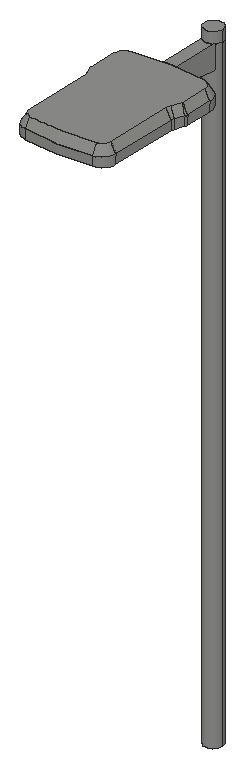
Revit family "VP-4-A_", category Lighting Fixtures, host Face, Revit 2019
Family settings
  Host = Face
  Round Connector Dimension = Use Diameter
  Part Type = Normal
  OmniClass Number = 23.80.70.11.14.17
  OmniClass Title = Direct/Indirect
  Cut with Voids When Loaded = No
  Light Source = No
  Shared = Yes
  Room Calculation Point = No
Parameters (values of type "VP-4-A3")
  Wattage Comments = "600 W"  # constant formula
  Warranty = "Five year warranty"  # constant formula
  Voltage = 120 V
  URL = "https://www.currentlighting.com/beacon"
  Type Comments = "Lighting Fixture"  # constant formula
  Product Page URL = "https://www.currentlighting.com/outdoor-lighting/viper-area-size-4/9606406"
  Product Documentation Link = "https://cdn.currentlighting.com/site/specsheet/BEA_VIPERSPEC.pdf"
  Pole Radius [instance] = Pole Diameter / 2  # 1.75"
  Power Factor = 0.9
  Pole Height [instance] = 120.00"
  Name = "Viper Area Size 4"  # constant formula
  Model = "VP-4-A3"
  Matt Grey = MATT GREY
  Matt Black = Matt Black
  Manufacturer = "Current Lighting"  # constant formula
  Load Classification = Lighting
  Light Output = 87468.00 cd/m²
  Lamp = "LED"  # constant formula
  Grey = Grey
  Glass = Glass
  Pole Diameter [instance] = 3.50"
  Features = "Featuring two different optical technologies, Micro Strike and Strike Optics, which provide the best distribution patterns for retrofit or new construction\r\nVibration rated for high vibration applications including bridges and overpasses\r\nControl options including photo control, occupancy sensing, NX Lighting Controls, wiSCAPE and 7-Pin with networked controls\r\nMounting options include: Arm, Universal Arm, Adjustable Arm, Mast Arm, Decorative Arm, Knuckle, Trunnion, Wall\r\nDistribution options include: Auto Front Row, Type 2, Type 3, Type 4 Forward, Type 4 Wide, Type 5 Narrow, Type 5 Medium, Type 5 Wide, Type 5 Rectangular, Corner Optic, and Tennis Court\r\n\r\n"  # constant formula
  Copyright = "© 2022 Current Lighting"  # constant formula
  Cool Grey = Cool Grey
  Contact Us = "https://www.currentlighting.com/contact-us"
  Certification = "UL"  # constant formula
  Description = "The Viper is an extremely versatile area/site luminaire which blends design, performance, and technology for a variety of applications."  # constant formula
  Default Elevation = 48.00"
  Finish = Arctic White
  Matt White = Matt White
  CRI = "70"  # constant formula
  Brand = "Beacon"  # constant formula
  Assembly Code = "D5020200"
  Apparent Load = 600 VA  # constant formula
Reference planes (in)
  plane 1 "Center (Front/Back)": y = 6.16697
  plane 2: z = 0
  plane 3 "Center (Left/Right)": x = 0
  plane 4: z = 3.75
  plane 5: z = -4.44
  plane 6: x = -1.75
  plane 7: x = 1.75
  plane 8: y = 4.41697
  plane 9: y = 7.91697
  plane 10: z = 120
  plane 11: z = 122
Forms (in)
  Extrusion 1, solid, material "Cool Grey" <- "Cool Grey"
    sketch origin (0, 0, 0) x (1, 0, 0) y (0, 1, 0)
      loop
        circle (0, 6.16697) r 1.75
    from 0 to 120
  Extrusion 2, solid, material "Cool Grey" <- "Cool Grey"
    sketch origin (0, 0, 0) x (1, 0, 0) y (0, 1, 0)
      loop
        circle (0, 6.16697) r 1.75
    from 120 to 122
Cuts and joins
  joined: Extrusion 1, Extrusion 2
Lines and regions (in)
  reference lines
    curve 1: line (0, 14.42606, -3.25) -> (0, 17.42606, -0.25)
    curve 2: line (0, -2.09213, -3.25) -> (0, 14.42606, -3.25)
    curve 3: line (0, -5.09213, -0.25) -> (0, -2.09213, -3.25)
    curve 4: line (0, 14.42606, -3.25) -> (0, 17.42606, -0.25)
    curve 5: line (0, -5.09213, -0.25) -> (0, 17.42606, -0.25)
    curve 6: line (0, 17.17606, -0.77432) -> (0, 17.92606, -0.77432)
    curve 7: line (0, 17.17606, -1.52432) -> (0, 17.17606, -0.77432)
    curve 8: line (0, 16.69614, -1.52432) -> (0, 17.17606, -1.52432)
    curve 9: line (0, 14.92606, -4.25) -> (0, 16.69614, -1.52432)
    curve 10: line (0, -4.3622, -1.52432) -> (0, -2.59213, -4.25)
    curve 11: line (0, -4.84213, -1.52432) -> (0, -4.3622, -1.52432)
    curve 12: line (0, -4.84213, -0.77432) -> (0, -4.84213, -1.52432)
    curve 13: line (0, -5.59213, -0.77432) -> (0, -4.84213, -0.77432)
Dimensions and locks (in)
  plane 4 to plane 2 = 3.75"
  "Pole Diameter": plane 8 to plane 9
  equal spacing: plane 8, plane 1 "Center (Front/Back)", plane 9
  equal spacing: plane 6, plane 3 "Center (Left/Right)", plane 7
  "Pole Diameter": plane 6 to plane 7
  "Pole Height": plane 10 to plane 2
  locked: plane 11 to plane 10 at 2
  "Pole Radius": radius of Extrusion 1 sketch curve
  "Pole Radius": radius of Extrusion 2 sketch curve
  aligned and locked: plane 2 to host face
  aligned and locked: level to host face
  aligned and locked: plane 10 to Extrusion 1
  aligned and locked: plane 3 "Center (Left/Right)" to nested 1
  aligned and locked: nested 1 to plane 10
  aligned and locked: plane 11 to Extrusion 2
  aligned and locked: Extrusion 2 to plane 10
Automatic sketch dimensions
  host sketch curve to host sketch curve = 96.00"
  host sketch curve to host sketch curve = 85.00"
  curve 3 to level = 0.25"
  plane 8 to curve 3 = 9.50909"
  curve 3 to curve 12 = 0.25"
  curve 11 to curve 11 = 0.47992"
  curve 2 to plane 5 = 1.19"
  curve 10 to curve 2 = 2.27008"
  curve 1 to plane 9 = 6.50909"
  curve 9 to level = 1.52432"
  curve 1 to curve 9 = 2.27008"
  curve 8 to curve 8 = 0.47992"
  curve 6 to curve 4 = 0.25"
  curve 10 to curve 3 = 1.27432"
  curve 7 to curve 1 = 0.52432"
  curve 12 to curve 3 = 0.52432"
  curve 13 to curve 3 = 0.50"
  curve 10 to plane 5 = 0.19"
  curve 10 to curve 2 = 0.50"
  curve 9 to plane 5 = 0.19"
  curve 1 to curve 9 = 0.50"
  curve 1 to curve 6 = 0.50"
  plane 1 "Center (Front/Back)" to Extrusion 1 sketch curve = 0.00"
  Extrusion 1 sketch curve to plane 3 "Center (Left/Right)" = 0.00"
  plane 1 "Center (Front/Back)" to Extrusion 2 sketch curve = 0.00"
  Extrusion 2 sketch curve to plane 3 "Center (Left/Right)" = 0.00"
Nested families (in)
  nested 1: "SIZE4" at (0, 4.41697, 118.26) x (1, 0, 0) z (0, -1, 0), type "SIZE4"
Connectors (in)
  electrical at (0, 6.16697, 0), driven by "Power Factor", driven by "Apparent Load", driven by "Voltage"
    settings: on Extrusion 1, index 1, voltage 120 V, apparent load 600 VA, apparent load phase1 0 VA, apparent load phase2 0 VA, apparent load phase3 0 VA, power factor 0.9, load classification "Other", number of poles 1, system type 30, power factor state 1, is connector primary yes, connector utility no, sub classification motor no, connector description "Light Fixture"
Definition of nested family "SIZE4"
  Parameters (values of type "SIZE4")
    Width = 19.62"
    Wattage = 519.1 W
    built-in parameter 1150110 = 1 (stored number, unit not read)
    built-in parameter 1114217 = 1 (stored number, unit not read)
    Tilt Angle = 160.00°
    built-in parameter 1150109 = 1 (stored number, unit not read)
    built-in parameter 1150134 = 3
    built-in parameter 1150113 = 1 (stored number, unit not read)
    Photometric Web File = "VP-4-720L-515-5K7-4W-BC.ies"
    Mount Length = 7.50"
    built-in parameter 1150105 = 3180.8 (stored number, unit not read)
    Lumens = 39970.7 lm
    built-in parameter 1150115 = 1 (stored number, unit not read)
    built-in parameter 1150137 = (empty or 0)
    built-in parameter 1150139 = (empty or 0)
    Length = 27.98"
    built-in parameter 1150112 = 1 (stored number, unit not read)
    built-in parameter 1150114 = 1 (stored number, unit not read)
    built-in parameter 1150132 = (empty or 0)
    built-in parameter 1150102 = (empty or 0)
    built-in parameter 1150107 = 3200 (stored number, unit not read)
    built-in parameter 1150138 = (empty or 0)
    built-in parameter 1150106 = 31.808 (stored number, unit not read)
    Glass = none
    Fixture = none
    built-in parameter 1150104 = 7.1535 (stored number, unit not read)
    Dimming Lamp Color Temperature Shift = (empty or 0)
    Default Elevation = 48.00"
    Color Filter = 16777215
    built-in parameter 1114218 = 1 (stored number, unit not read)
    built-in parameter 1150133 = 10 (stored number, unit not read)
  Reference planes (in)
    plane 1 "Center (Front/Back)": y = 0
    plane 2: z = 0
    plane 3 "Center (Left/Right)": x = 0
    plane 4: x = 9.81
    plane 5: x = -9.81
    plane 6: z = 7.5
    plane 7: z = 35.48
    plane 8: y = -1.74
    plane 9: y = 1.74
  Forms (in)
    Extrusion 1, solid
      sketch origin (0, 0, 0) x (1, 0, 0) y (0, 1, 0)
        loop
          line (-48, 48) -> (-48, -48) -> (48, -48) -> (48, 48) -> (-48, 48)
      from 0 to -12
    Extrusion 2, solid, material <- "Fixture"
      sketch origin (0, 0, 0) x (0, 1, 0) y (0, 0, 1)
        loop
          line (1.74, 8.51105) -> (-1.5789, 8.51105) -> (-2.86955, -1.406) -> (1.74, -1.406) -> (1.74, 8.51105)
      from -1.24 to 1.24
    Extrusion 3, void
      sketch origin (0, 0, 0) x (1, 0, 0) y (0, 0, 1)
        loop
          arc (-8.40608, 15.16005) -> (0.0771, 15.81374) -> (8.56, 15.15635) r 55.21553
          line (8.56, 15.15635) -> (8.56, 33.16182) -> (-8.40608, 33.16182) -> (-8.40608, 15.16005)
      from 1 to 1.75
    Extrusion 4, solid, material <- "Glass"
      sketch origin (0, 0, -0.5) x (1, 0, 0) y (0, 0, 1)
        loop
          arc (-7.30987, 33.16182) -> (-7.55736, 33.05931) -> (-7.65987, 32.81182) r 0.35
          line (-7.65987, 32.81182) -> (-7.65987, 28.01182)
          arc (-7.65987, 28.01182) -> (-7.55736, 27.76434) -> (-7.30987, 27.66182) r 0.35
          line (-7.30987, 27.66182) -> (7.30987, 27.66182)
          arc (7.30987, 27.66182) -> (7.55736, 27.76434) -> (7.65987, 28.01182) r 0.35
          line (7.65987, 28.01182) -> (7.65987, 32.81182)
          arc (7.65987, 32.81182) -> (7.55736, 33.05931) -> (7.30987, 33.16182) r 0.35
          line (7.30987, 33.16182) -> (-7.30987, 33.16182)
      from 1 to 1.35
    Extrusion 5, solid, material <- "Glass"
      sketch origin (0.375, 0, -0.375) x (1, 0, 0) y (0, 0, 1)
        loop
          circle (-7.47829, 32.33694) r 0.15
        loop
          circle (-6.95955, 32.33694) r 0.15
        loop
          circle (-6.4408, 32.33694) r 0.15
        loop
          circle (-5.92205, 32.33694) r 0.15
        loop
          circle (-5.4033, 32.33694) r 0.15
        loop
          circle (-4.88455, 32.33694) r 0.15
        loop
          circle (-4.3658, 32.33694) r 0.15
        loop
          circle (-3.84705, 32.33694) r 0.15
        loop
          circle (-3.32831, 32.33694) r 0.15
        loop
          circle (-7.47829, 31.83694) r 0.15
        loop
          circle (-6.95955, 31.83694) r 0.15
        loop
          circle (-6.4408, 31.83694) r 0.15
        loop
          circle (-5.92205, 31.83694) r 0.15
        loop
          circle (-5.4033, 31.83694) r 0.15
        loop
          circle (-4.88455, 31.83694) r 0.15
        loop
          circle (-4.3658, 31.83694) r 0.15
        loop
          circle (-3.84705, 31.83694) r 0.15
        loop
          circle (-3.32831, 31.83694) r 0.15
        loop
          circle (-7.47829, 31.33694) r 0.15
        loop
          circle (-6.95955, 31.33694) r 0.15
        loop
          circle (-6.4408, 31.33694) r 0.15
        loop
          circle (-5.92205, 31.33694) r 0.15
        loop
          circle (-5.4033, 31.33694) r 0.15
        loop
          circle (-4.88455, 31.33694) r 0.15
        loop
          circle (-4.3658, 31.33694) r 0.15
        loop
          circle (-3.84705, 31.33694) r 0.15
        loop
          circle (-3.32831, 31.33694) r 0.15
        loop
          circle (-7.47829, 30.83694) r 0.15
        loop
          circle (-6.95955, 30.83694) r 0.15
        loop
          circle (-6.4408, 30.83694) r 0.15
        loop
          circle (-5.92205, 30.83694) r 0.15
        loop
          circle (-5.4033, 30.83694) r 0.15
        loop
          circle (-4.88455, 30.83694) r 0.15
        loop
          circle (-4.3658, 30.83694) r 0.15
        loop
          circle (-3.84705, 30.83694) r 0.15
        loop
          circle (-3.32831, 30.83694) r 0.15
        loop
          circle (-7.47829, 30.33694) r 0.15
        loop
          circle (-6.95955, 30.33694) r 0.15
        loop
          circle (-6.4408, 30.33694) r 0.15
        loop
          circle (-5.92205, 30.33694) r 0.15
        loop
          circle (-5.4033, 30.33694) r 0.15
        loop
          circle (-4.88455, 30.33694) r 0.15
        loop
          circle (-4.3658, 30.33694) r 0.15
        loop
          circle (-3.84705, 30.33694) r 0.15
        loop
          circle (-3.32831, 30.33694) r 0.15
        loop
          circle (-7.47829, 29.83694) r 0.15
        loop
          circle (-6.95955, 29.83694) r 0.15
        loop
          circle (-6.4408, 29.83694) r 0.15
        loop
          circle (-5.92205, 29.83694) r 0.15
        loop
          circle (-5.4033, 29.83694) r 0.15
        loop
          circle (-4.88455, 29.83694) r 0.15
        loop
          circle (-4.3658, 29.83694) r 0.15
        loop
          circle (-3.84705, 29.83694) r 0.15
        loop
          circle (-3.32831, 29.83694) r 0.15
        loop
          circle (-7.47829, 29.33694) r 0.15
        loop
          circle (-6.95955, 29.33694) r 0.15
        loop
          circle (-6.4408, 29.33694) r 0.15
        loop
          circle (-5.92205, 29.33694) r 0.15
        loop
          circle (-5.4033, 29.33694) r 0.15
        loop
          circle (-4.88455, 29.33694) r 0.15
        loop
          circle (-4.3658, 29.33694) r 0.15
        loop
          circle (-3.84705, 29.33694) r 0.15
        loop
          circle (-3.32831, 29.33694) r 0.15
        loop
          circle (-7.47829, 28.83694) r 0.15
        loop
          circle (-6.95955, 28.83694) r 0.15
        loop
          circle (-6.4408, 28.83694) r 0.15
        loop
          circle (-5.92205, 28.83694) r 0.15
        loop
          circle (-5.4033, 28.83694) r 0.15
        loop
          circle (-4.88455, 28.83694) r 0.15
        loop
          circle (-4.3658, 28.83694) r 0.15
        loop
          circle (-3.84705, 28.83694) r 0.15
        loop
          circle (-3.32831, 28.83694) r 0.15
        loop
          circle (-7.47829, 28.33694) r 0.15
        loop
          circle (-6.95955, 28.33694) r 0.15
        loop
          circle (-6.4408, 28.33694) r 0.15
        loop
          circle (-5.92205, 28.33694) r 0.15
        loop
          circle (-5.4033, 28.33694) r 0.15
        loop
          circle (-4.88455, 28.33694) r 0.15
        loop
          circle (-4.3658, 28.33694) r 0.15
        loop
          circle (-3.84705, 28.33694) r 0.15
        loop
          circle (-3.32831, 28.33694) r 0.15
      from 1.35 to 1.4
    Extrusion 6, solid, material <- "Glass"
      sketch origin (0, 0, -0.375) x (1, 0, 0) y (0, 0, 1)
        loop
          arc (-7.16655, 32.8409) -> (-7.34333, 32.76768) -> (-7.41655, 32.5909) r 0.25
          line (-7.41655, 32.5909) -> (-7.41655, 28.0909)
          arc (-7.41655, 28.0909) -> (-7.34333, 27.91412) -> (-7.16655, 27.8409) r 0.25
          line (-7.16655, 27.8409) -> (-2.81123, 27.8409)
          arc (-2.81123, 27.8409) -> (-2.63446, 27.91412) -> (-2.56123, 28.0909) r 0.25
          line (-2.56123, 28.0909) -> (-2.56123, 32.5909)
          arc (-2.56123, 32.5909) -> (-2.63446, 32.76768) -> (-2.81123, 32.8409) r 0.25
          line (-2.81123, 32.8409) -> (-7.16655, 32.8409)
      from 1.35 to 1.37213
    Extrusion 7, solid, material <- "Fixture"
      sketch origin (0, 0, 12.875) x (1, 0, 0) y (0, 1, 0)
        loop
          line (7.68693, -1) -> (7.68693, -1.20146)
          arc (7.68693, -1.20146) -> (7.69367, -1.23973) -> (7.71311, -1.27339) r 0.1119
          line (7.71311, -1.27339) -> (8.07367, -1.70309)
          arc (8.07367, -1.70309) -> (8.10164, -1.72455) -> (8.13607, -1.73219) r 0.08147
          line (8.13607, -1.73219) -> (8.56, -1.73219) -> (8.56, -1) -> (7.68693, -1)
      from 18.55 to 18.65
    Extrusion 8, solid, material <- "Glass"
      sketch origin (-0.375, 0, -0.375) x (-1, 0, 0) y (0, 0, -1)
        loop
          circle (-7.47829, -32.33694) r 0.15
        loop
          circle (-6.95955, -32.33694) r 0.15
        loop
          circle (-6.4408, -32.33694) r 0.15
        loop
          circle (-5.92205, -32.33694) r 0.15
        loop
          circle (-5.4033, -32.33694) r 0.15
        loop
          circle (-4.88455, -32.33694) r 0.15
        loop
          circle (-4.3658, -32.33694) r 0.15
        loop
          circle (-3.84705, -32.33694) r 0.15
        loop
          circle (-3.32831, -32.33694) r 0.15
        loop
          circle (-7.47829, -31.83694) r 0.15
        loop
          circle (-6.95955, -31.83694) r 0.15
        loop
          circle (-6.4408, -31.83694) r 0.15
        loop
          circle (-5.92205, -31.83694) r 0.15
        loop
          circle (-5.4033, -31.83694) r 0.15
        loop
          circle (-4.88455, -31.83694) r 0.15
        loop
          circle (-4.3658, -31.83694) r 0.15
        loop
          circle (-3.84705, -31.83694) r 0.15
        loop
          circle (-3.32831, -31.83694) r 0.15
        loop
          circle (-7.47829, -31.33694) r 0.15
        loop
          circle (-6.95955, -31.33694) r 0.15
        loop
          circle (-6.4408, -31.33694) r 0.15
        loop
          circle (-5.92205, -31.33694) r 0.15
        loop
          circle (-5.4033, -31.33694) r 0.15
        loop
          circle (-4.88455, -31.33694) r 0.15
        loop
          circle (-4.3658, -31.33694) r 0.15
        loop
          circle (-3.84705, -31.33694) r 0.15
        loop
          circle (-3.32831, -31.33694) r 0.15
        loop
          circle (-7.47829, -30.83694) r 0.15
        loop
          circle (-6.95955, -30.83694) r 0.15
        loop
          circle (-6.4408, -30.83694) r 0.15
        loop
          circle (-5.92205, -30.83694) r 0.15
        loop
          circle (-5.4033, -30.83694) r 0.15
        loop
          circle (-4.88455, -30.83694) r 0.15
        loop
          circle (-4.3658, -30.83694) r 0.15
        loop
          circle (-3.84705, -30.83694) r 0.15
        loop
          circle (-3.32831, -30.83694) r 0.15
        loop
          circle (-7.47829, -30.33694) r 0.15
        loop
          circle (-6.95955, -30.33694) r 0.15
        loop
          circle (-6.4408, -30.33694) r 0.15
        loop
          circle (-5.92205, -30.33694) r 0.15
        loop
          circle (-5.4033, -30.33694) r 0.15
        loop
          circle (-4.88455, -30.33694) r 0.15
        loop
          circle (-4.3658, -30.33694) r 0.15
        loop
          circle (-3.84705, -30.33694) r 0.15
        loop
          circle (-3.32831, -30.33694) r 0.15
        loop
          circle (-7.47829, -29.83694) r 0.15
        loop
          circle (-6.95955, -29.83694) r 0.15
        loop
          circle (-6.4408, -29.83694) r 0.15
        loop
          circle (-5.92205, -29.83694) r 0.15
        loop
          circle (-5.4033, -29.83694) r 0.15
        loop
          circle (-4.88455, -29.83694) r 0.15
        loop
          circle (-4.3658, -29.83694) r 0.15
        loop
          circle (-3.84705, -29.83694) r 0.15
        loop
          circle (-3.32831, -29.83694) r 0.15
        loop
          circle (-7.47829, -29.33694) r 0.15
        loop
          circle (-6.95955, -29.33694) r 0.15
        loop
          circle (-6.4408, -29.33694) r 0.15
        loop
          circle (-5.92205, -29.33694) r 0.15
        loop
          circle (-5.4033, -29.33694) r 0.15
        loop
          circle (-4.88455, -29.33694) r 0.15
        loop
          circle (-4.3658, -29.33694) r 0.15
        loop
          circle (-3.84705, -29.33694) r 0.15
        loop
          circle (-3.32831, -29.33694) r 0.15
        loop
          circle (-7.47829, -28.83694) r 0.15
        loop
          circle (-6.95955, -28.83694) r 0.15
        loop
          circle (-6.4408, -28.83694) r 0.15
        loop
          circle (-5.92205, -28.83694) r 0.15
        loop
          circle (-5.4033, -28.83694) r 0.15
        loop
          circle (-4.88455, -28.83694) r 0.15
        loop
          circle (-4.3658, -28.83694) r 0.15
        loop
          circle (-3.84705, -28.83694) r 0.15
        loop
          circle (-3.32831, -28.83694) r 0.15
        loop
          circle (-7.47829, -28.33694) r 0.15
        loop
          circle (-6.95955, -28.33694) r 0.15
        loop
          circle (-6.4408, -28.33694) r 0.15
        loop
          circle (-5.92205, -28.33694) r 0.15
        loop
          circle (-5.4033, -28.33694) r 0.15
        loop
          circle (-4.88455, -28.33694) r 0.15
        loop
          circle (-4.3658, -28.33694) r 0.15
        loop
          circle (-3.84705, -28.33694) r 0.15
        loop
          circle (-3.32831, -28.33694) r 0.15
      from 1.35 to 1.4
    Extrusion 9, solid, material <- "Glass"
      sketch origin (0, 0, -0.375) x (-1, 0, 0) y (0, 0, -1)
        loop
          line (-7.16655, -32.8409) -> (-2.84181, -32.8409)
          arc (-2.84181, -32.8409) -> (-2.66504, -32.76768) -> (-2.59181, -32.5909) r 0.25
          line (-2.59181, -32.5909) -> (-2.59181, -28.0909)
          arc (-2.59181, -28.0909) -> (-2.66504, -27.91412) -> (-2.84181, -27.8409) r 0.25
          line (-2.84181, -27.8409) -> (-7.16655, -27.8409)
          arc (-7.16655, -27.8409) -> (-7.34333, -27.91412) -> (-7.41655, -28.0909) r 0.25
          line (-7.41655, -28.0909) -> (-7.41655, -32.5909)
          arc (-7.41655, -32.5909) -> (-7.34333, -32.76768) -> (-7.16655, -32.8409) r 0.25
      from 1.35 to 1.37213
    Extrusion 10, solid, material <- "Glass"
      sketch origin (0, 0, -5.75) x (1, 0, 0) y (0, 0, 1)
        loop
          arc (-7.30987, 32.91182) -> (-7.55736, 32.80931) -> (-7.65987, 32.56182) r 0.35
          line (-7.65987, 32.56182) -> (-7.65987, 27.76182)
          arc (-7.65987, 27.76182) -> (-7.55736, 27.51434) -> (-7.30987, 27.41182) r 0.35
          line (-7.30987, 27.41182) -> (7.30987, 27.41182)
          arc (7.30987, 27.41182) -> (7.55736, 27.51434) -> (7.65987, 27.76182) r 0.35
          line (7.65987, 27.76182) -> (7.65987, 32.56182)
          arc (7.65987, 32.56182) -> (7.55736, 32.80931) -> (7.30987, 32.91182) r 0.35
          line (7.30987, 32.91182) -> (-7.30987, 32.91182)
      from 1 to 1.35
    Extrusion 11, solid, material <- "Glass"
      sketch origin (0, 0, 47.30365) x (1, 0, 0) y (0, 0, 1)
        loop
          line (-7.30987, -31.14182) -> (7.30987, -31.14182)
          arc (7.30987, -31.14182) -> (7.55736, -31.03931) -> (7.65987, -30.79182) r 0.35
          line (7.65987, -30.79182) -> (7.65987, -25.99182)
          arc (7.65987, -25.99182) -> (7.55736, -25.74434) -> (7.30987, -25.64182) r 0.35
          line (7.30987, -25.64182) -> (-7.30987, -25.64182)
          arc (-7.30987, -25.64182) -> (-7.55736, -25.74434) -> (-7.65987, -25.99182) r 0.35
          line (-7.65987, -25.99182) -> (-7.65987, -30.79182)
          arc (-7.65987, -30.79182) -> (-7.55736, -31.03931) -> (-7.30987, -31.14182) r 0.35
      from 1 to 1.35
    Extrusion 12, solid, material <- "Fixture"
      sketch origin (0, 0, 11.87318) x (1, 0, 0) y (0, 1, 0)
        loop
          line (7.68693, -1) -> (7.68693, -1.20146)
          arc (7.68693, -1.20146) -> (7.69367, -1.23973) -> (7.71311, -1.27339) r 0.1119
          line (7.71311, -1.27339) -> (8.07367, -1.70309)
          arc (8.07367, -1.70309) -> (8.10164, -1.72455) -> (8.13607, -1.73219) r 0.08147
          line (8.13607, -1.73219) -> (8.56, -1.73219) -> (8.56, -1) -> (7.68693, -1)
      from 18.55 to 18.65
    Extrusion 13, solid, material <- "Fixture"
      sketch origin (0, 0, 10.87135) x (1, 0, 0) y (0, 1, 0)
        loop
          line (7.68693, -1) -> (7.68693, -1.20146)
          arc (7.68693, -1.20146) -> (7.69367, -1.23973) -> (7.71311, -1.27339) r 0.1119
          line (7.71311, -1.27339) -> (8.07367, -1.70309)
          arc (8.07367, -1.70309) -> (8.10164, -1.72455) -> (8.13607, -1.73219) r 0.08147
          line (8.13607, -1.73219) -> (8.56, -1.73219) -> (8.56, -1) -> (7.68693, -1)
      from 18.55 to 18.65
    Extrusion 14, solid, material <- "Fixture"
      sketch origin (0, 0, 9.86953) x (1, 0, 0) y (0, 1, 0)
        loop
          line (7.68693, -1) -> (7.68693, -1.20146)
          arc (7.68693, -1.20146) -> (7.69367, -1.23973) -> (7.71311, -1.27339) r 0.1119
          line (7.71311, -1.27339) -> (8.07367, -1.70309)
          arc (8.07367, -1.70309) -> (8.10164, -1.72455) -> (8.13607, -1.73219) r 0.08147
          line (8.13607, -1.73219) -> (8.56, -1.73219) -> (8.56, -1) -> (7.68693, -1)
      from 18.55 to 18.65
    Extrusion 15, solid, material <- "Fixture"
      sketch origin (0, 0, 8.86953) x (1, 0, 0) y (0, 1, 0)
        loop
          line (7.68693, -1) -> (7.68693, -1.20146)
          arc (7.68693, -1.20146) -> (7.69367, -1.23973) -> (7.71311, -1.27339) r 0.1119
          line (7.71311, -1.27339) -> (8.07367, -1.70309)
          arc (8.07367, -1.70309) -> (8.10164, -1.72455) -> (8.13607, -1.73219) r 0.08147
          line (8.13607, -1.73219) -> (8.56, -1.73219) -> (8.56, -1) -> (7.68693, -1)
      from 18.55 to 18.65
    Extrusion 16, solid, material <- "Fixture"
      sketch origin (0, 0, 7.8125) x (1, 0, 0) y (0, 1, 0)
        loop
          line (7.68693, -1) -> (7.68693, -1.20146)
          arc (7.68693, -1.20146) -> (7.69367, -1.23973) -> (7.71311, -1.27339) r 0.1119
          line (7.71311, -1.27339) -> (8.07367, -1.70309)
          arc (8.07367, -1.70309) -> (8.10164, -1.72455) -> (8.13607, -1.73219) r 0.08147
          line (8.13607, -1.73219) -> (8.56, -1.73219) -> (8.56, -1) -> (7.68693, -1)
      from 18.55 to 18.65
    Extrusion 17, solid, material <- "Fixture"
      sketch origin (0, 0, 6.81068) x (1, 0, 0) y (0, 1, 0)
        loop
          line (7.68693, -1) -> (7.68693, -1.20146)
          arc (7.68693, -1.20146) -> (7.69367, -1.23973) -> (7.71311, -1.27339) r 0.1119
          line (7.71311, -1.27339) -> (8.07367, -1.70309)
          arc (8.07367, -1.70309) -> (8.10164, -1.72455) -> (8.13607, -1.73219) r 0.08147
          line (8.13607, -1.73219) -> (8.56, -1.73219) -> (8.56, -1) -> (7.68693, -1)
      from 18.55 to 18.65
    Extrusion 18, solid, material <- "Fixture"
      sketch origin (0, 0, 5.80885) x (1, 0, 0) y (0, 1, 0)
        loop
          line (7.68693, -1) -> (7.68693, -1.20146)
          arc (7.68693, -1.20146) -> (7.69367, -1.23973) -> (7.71311, -1.27339) r 0.1119
          line (7.71311, -1.27339) -> (8.07367, -1.70309)
          arc (8.07367, -1.70309) -> (8.10164, -1.72455) -> (8.13607, -1.73219) r 0.08147
          line (8.13607, -1.73219) -> (8.56, -1.73219) -> (8.56, -1) -> (7.68693, -1)
      from 18.55 to 18.65
    Extrusion 19, solid, material <- "Fixture"
      sketch origin (0, 0, 4.80703) x (1, 0, 0) y (0, 1, 0)
        loop
          line (7.68693, -1) -> (7.68693, -1.20146)
          arc (7.68693, -1.20146) -> (7.69367, -1.23973) -> (7.71311, -1.27339) r 0.1119
          line (7.71311, -1.27339) -> (8.07367, -1.70309)
          arc (8.07367, -1.70309) -> (8.10164, -1.72455) -> (8.13607, -1.73219) r 0.08147
          line (8.13607, -1.73219) -> (8.56, -1.73219) -> (8.56, -1) -> (7.68693, -1)
      from 18.55 to 18.65
    Extrusion 20, solid, material <- "Fixture"
      sketch origin (0, 0, 3.80703) x (1, 0, 0) y (0, 1, 0)
        loop
          line (7.68693, -1) -> (7.68693, -1.20146)
          arc (7.68693, -1.20146) -> (7.69367, -1.23973) -> (7.71311, -1.27339) r 0.1119
          line (7.71311, -1.27339) -> (8.07367, -1.70309)
          arc (8.07367, -1.70309) -> (8.10164, -1.72455) -> (8.13607, -1.73219) r 0.08147
          line (8.13607, -1.73219) -> (8.56, -1.73219) -> (8.56, -1) -> (7.68693, -1)
      from 18.55 to 18.65
    Extrusion 21, solid, material <- "Fixture"
      sketch origin (0, 0, 2.125) x (1, 0, 0) y (0, 1, 0)
        loop
          line (7.68693, -1) -> (7.68693, -1.20146)
          arc (7.68693, -1.20146) -> (7.69367, -1.23973) -> (7.71311, -1.27339) r 0.1119
          line (7.71311, -1.27339) -> (8.07367, -1.70309)
          arc (8.07367, -1.70309) -> (8.10164, -1.72455) -> (8.13607, -1.73219) r 0.08147
          line (8.13607, -1.73219) -> (8.56, -1.73219) -> (8.56, -1) -> (7.68693, -1)
      from 18.55 to 18.65
    Extrusion 22, solid, material <- "Fixture"
      sketch origin (0, 0, 1.12318) x (1, 0, 0) y (0, 1, 0)
        loop
          line (7.68693, -1) -> (7.68693, -1.20146)
          arc (7.68693, -1.20146) -> (7.69367, -1.23973) -> (7.71311, -1.27339) r 0.1119
          line (7.71311, -1.27339) -> (8.07367, -1.70309)
          arc (8.07367, -1.70309) -> (8.10164, -1.72455) -> (8.13607, -1.73219) r 0.08147
          line (8.13607, -1.73219) -> (8.56, -1.73219) -> (8.56, -1) -> (7.68693, -1)
      from 18.55 to 18.65
    Extrusion 23, solid, material <- "Fixture"
      sketch origin (0, 0, 0.12135) x (1, 0, 0) y (0, 1, 0)
        loop
          line (7.68693, -1) -> (7.68693, -1.20146)
          arc (7.68693, -1.20146) -> (7.69367, -1.23973) -> (7.71311, -1.27339) r 0.1119
          line (7.71311, -1.27339) -> (8.07367, -1.70309)
          arc (8.07367, -1.70309) -> (8.10164, -1.72455) -> (8.13607, -1.73219) r 0.08147
          line (8.13607, -1.73219) -> (8.56, -1.73219) -> (8.56, -1) -> (7.68693, -1)
      from 18.55 to 18.65
    Extrusion 24, solid, material <- "Fixture"
      sketch origin (0, 0, -0.88047) x (1, 0, 0) y (0, 1, 0)
        loop
          line (7.68693, -1) -> (7.68693, -1.20146)
          arc (7.68693, -1.20146) -> (7.69367, -1.23973) -> (7.71311, -1.27339) r 0.1119
          line (7.71311, -1.27339) -> (8.07367, -1.70309)
          arc (8.07367, -1.70309) -> (8.10164, -1.72455) -> (8.13607, -1.73219) r 0.08147
          line (8.13607, -1.73219) -> (8.56, -1.73219) -> (8.56, -1) -> (7.68693, -1)
      from 18.55 to 18.65
    Extrusion 25, solid, material <- "Fixture"
      sketch origin (0, 0, -1.88047) x (1, 0, 0) y (0, 1, 0)
        loop
          line (7.68693, -1) -> (7.68693, -1.20146)
          arc (7.68693, -1.20146) -> (7.69367, -1.23973) -> (7.71311, -1.27339) r 0.1119
          line (7.71311, -1.27339) -> (8.07367, -1.70309)
          arc (8.07367, -1.70309) -> (8.10164, -1.72455) -> (8.13607, -1.73219) r 0.08147
          line (8.13607, -1.73219) -> (8.56, -1.73219) -> (8.56, -1) -> (7.68693, -1)
      from 18.55 to 18.65
    Extrusion 26, solid, material <- "Fixture"
      sketch origin (0.07812, 0, 13.125) x (-1, 0, 0) y (0, -1, 0)
        loop
          line (7.68693, 1) -> (8.56, 1) -> (8.56, 1.73219) -> (8.13607, 1.73219)
          arc (8.13607, 1.73219) -> (8.10164, 1.72455) -> (8.07367, 1.70309) r 0.08147
          line (8.07367, 1.70309) -> (7.71311, 1.27339)
          arc (7.71311, 1.27339) -> (7.69367, 1.23973) -> (7.68693, 1.20146) r 0.1119
          line (7.68693, 1.20146) -> (7.68693, 1)
      from 18.55 to 18.65
    Extrusion 27, solid, material <- "Fixture"
      sketch origin (0.07812, 0, 12.12318) x (-1, 0, 0) y (0, -1, 0)
        loop
          line (7.68693, 1) -> (8.56, 1) -> (8.56, 1.73219) -> (8.13607, 1.73219)
          arc (8.13607, 1.73219) -> (8.10164, 1.72455) -> (8.07367, 1.70309) r 0.08147
          line (8.07367, 1.70309) -> (7.71311, 1.27339)
          arc (7.71311, 1.27339) -> (7.69367, 1.23973) -> (7.68693, 1.20146) r 0.1119
          line (7.68693, 1.20146) -> (7.68693, 1)
      from 18.55 to 18.65
    Extrusion 28, solid, material <- "Fixture"
      sketch origin (0.07812, 0, 11.12135) x (-1, 0, 0) y (0, -1, 0)
        loop
          line (7.68693, 1) -> (8.56, 1) -> (8.56, 1.73219) -> (8.13607, 1.73219)
          arc (8.13607, 1.73219) -> (8.10164, 1.72455) -> (8.07367, 1.70309) r 0.08147
          line (8.07367, 1.70309) -> (7.71311, 1.27339)
          arc (7.71311, 1.27339) -> (7.69367, 1.23973) -> (7.68693, 1.20146) r 0.1119
          line (7.68693, 1.20146) -> (7.68693, 1)
      from 18.55 to 18.65
    Extrusion 29, solid, material <- "Fixture"
      sketch origin (0.07812, 0, 10.11953) x (-1, 0, 0) y (0, -1, 0)
        loop
          line (7.68693, 1) -> (8.56, 1) -> (8.56, 1.73219) -> (8.13607, 1.73219)
          arc (8.13607, 1.73219) -> (8.10164, 1.72455) -> (8.07367, 1.70309) r 0.08147
          line (8.07367, 1.70309) -> (7.71311, 1.27339)
          arc (7.71311, 1.27339) -> (7.69367, 1.23973) -> (7.68693, 1.20146) r 0.1119
          line (7.68693, 1.20146) -> (7.68693, 1)
      from 18.55 to 18.65
    Extrusion 30, solid, material <- "Fixture"
      sketch origin (0.07812, 0, 9.11953) x (-1, 0, 0) y (0, -1, 0)
        loop
          line (7.68693, 1) -> (8.56, 1) -> (8.56, 1.73219) -> (8.13607, 1.73219)
          arc (8.13607, 1.73219) -> (8.10164, 1.72455) -> (8.07367, 1.70309) r 0.08147
          line (8.07367, 1.70309) -> (7.71311, 1.27339)
          arc (7.71311, 1.27339) -> (7.69367, 1.23973) -> (7.68693, 1.20146) r 0.1119
          line (7.68693, 1.20146) -> (7.68693, 1)
      from 18.55 to 18.65
    Extrusion 31, solid, material <- "Fixture"
      sketch origin (0.07812, 0, 8.0625) x (-1, 0, 0) y (0, -1, 0)
        loop
          line (7.68693, 1) -> (8.56, 1) -> (8.56, 1.73219) -> (8.13607, 1.73219)
          arc (8.13607, 1.73219) -> (8.10164, 1.72455) -> (8.07367, 1.70309) r 0.08147
          line (8.07367, 1.70309) -> (7.71311, 1.27339)
          arc (7.71311, 1.27339) -> (7.69367, 1.23973) -> (7.68693, 1.20146) r 0.1119
          line (7.68693, 1.20146) -> (7.68693, 1)
      from 18.55 to 18.65
    Extrusion 32, solid, material <- "Fixture"
      sketch origin (0.07812, 0, 7.06068) x (-1, 0, 0) y (0, -1, 0)
        loop
          line (7.68693, 1) -> (8.56, 1) -> (8.56, 1.73219) -> (8.13607, 1.73219)
          arc (8.13607, 1.73219) -> (8.10164, 1.72455) -> (8.07367, 1.70309) r 0.08147
          line (8.07367, 1.70309) -> (7.71311, 1.27339)
          arc (7.71311, 1.27339) -> (7.69367, 1.23973) -> (7.68693, 1.20146) r 0.1119
          line (7.68693, 1.20146) -> (7.68693, 1)
      from 18.55 to 18.65
    Extrusion 33, solid, material <- "Fixture"
      sketch origin (0.07812, 0, 6.05885) x (-1, 0, 0) y (0, -1, 0)
        loop
          line (7.68693, 1) -> (8.56, 1) -> (8.56, 1.73219) -> (8.13607, 1.73219)
          arc (8.13607, 1.73219) -> (8.10164, 1.72455) -> (8.07367, 1.70309) r 0.08147
          line (8.07367, 1.70309) -> (7.71311, 1.27339)
          arc (7.71311, 1.27339) -> (7.69367, 1.23973) -> (7.68693, 1.20146) r 0.1119
          line (7.68693, 1.20146) -> (7.68693, 1)
      from 18.55 to 18.65
    Extrusion 34, solid, material <- "Fixture"
      sketch origin (0.07812, 0, 5.05703) x (-1, 0, 0) y (0, -1, 0)
        loop
          line (7.68693, 1) -> (8.56, 1) -> (8.56, 1.73219) -> (8.13607, 1.73219)
          arc (8.13607, 1.73219) -> (8.10164, 1.72455) -> (8.07367, 1.70309) r 0.08147
          line (8.07367, 1.70309) -> (7.71311, 1.27339)
          arc (7.71311, 1.27339) -> (7.69367, 1.23973) -> (7.68693, 1.20146) r 0.1119
          line (7.68693, 1.20146) -> (7.68693, 1)
      from 18.55 to 18.65
    Extrusion 35, solid, material <- "Fixture"
      sketch origin (0.07812, 0, 4.05703) x (-1, 0, 0) y (0, -1, 0)
        loop
          line (7.68693, 1) -> (8.56, 1) -> (8.56, 1.73219) -> (8.13607, 1.73219)
          arc (8.13607, 1.73219) -> (8.10164, 1.72455) -> (8.07367, 1.70309) r 0.08147
          line (8.07367, 1.70309) -> (7.71311, 1.27339)
          arc (7.71311, 1.27339) -> (7.69367, 1.23973) -> (7.68693, 1.20146) r 0.1119
          line (7.68693, 1.20146) -> (7.68693, 1)
      from 18.55 to 18.65
    Extrusion 36, solid, material <- "Fixture"
      sketch origin (0.07812, 0, 2.375) x (-1, 0, 0) y (0, -1, 0)
        loop
          line (7.68693, 1) -> (8.56, 1) -> (8.56, 1.73219) -> (8.13607, 1.73219)
          arc (8.13607, 1.73219) -> (8.10164, 1.72455) -> (8.07367, 1.70309) r 0.08147
          line (8.07367, 1.70309) -> (7.71311, 1.27339)
          arc (7.71311, 1.27339) -> (7.69367, 1.23973) -> (7.68693, 1.20146) r 0.1119
          line (7.68693, 1.20146) -> (7.68693, 1)
      from 18.55 to 18.65
    Extrusion 37, solid, material <- "Fixture"
      sketch origin (0.07812, 0, 1.37318) x (-1, 0, 0) y (0, -1, 0)
        loop
          line (7.68693, 1) -> (8.56, 1) -> (8.56, 1.73219) -> (8.13607, 1.73219)
          arc (8.13607, 1.73219) -> (8.10164, 1.72455) -> (8.07367, 1.70309) r 0.08147
          line (8.07367, 1.70309) -> (7.71311, 1.27339)
          arc (7.71311, 1.27339) -> (7.69367, 1.23973) -> (7.68693, 1.20146) r 0.1119
          line (7.68693, 1.20146) -> (7.68693, 1)
      from 18.55 to 18.65
    Extrusion 38, solid, material <- "Fixture"
      sketch origin (0.07812, 0, 0.37135) x (-1, 0, 0) y (0, -1, 0)
        loop
          line (7.68693, 1) -> (8.56, 1) -> (8.56, 1.73219) -> (8.13607, 1.73219)
          arc (8.13607, 1.73219) -> (8.10164, 1.72455) -> (8.07367, 1.70309) r 0.08147
          line (8.07367, 1.70309) -> (7.71311, 1.27339)
          arc (7.71311, 1.27339) -> (7.69367, 1.23973) -> (7.68693, 1.20146) r 0.1119
          line (7.68693, 1.20146) -> (7.68693, 1)
      from 18.55 to 18.65
    Extrusion 39, solid, material <- "Fixture"
      sketch origin (0.07812, 0, -0.63047) x (-1, 0, 0) y (0, -1, 0)
        loop
          line (7.68693, 1) -> (8.56, 1) -> (8.56, 1.73219) -> (8.13607, 1.73219)
          arc (8.13607, 1.73219) -> (8.10164, 1.72455) -> (8.07367, 1.70309) r 0.08147
          line (8.07367, 1.70309) -> (7.71311, 1.27339)
          arc (7.71311, 1.27339) -> (7.69367, 1.23973) -> (7.68693, 1.20146) r 0.1119
          line (7.68693, 1.20146) -> (7.68693, 1)
      from 18.55 to 18.65
    Extrusion 40, solid, material <- "Fixture"
      sketch origin (0.07812, 0, -1.63047) x (-1, 0, 0) y (0, -1, 0)
        loop
          line (7.68693, 1) -> (8.56, 1) -> (8.56, 1.73219) -> (8.13607, 1.73219)
          arc (8.13607, 1.73219) -> (8.10164, 1.72455) -> (8.07367, 1.70309) r 0.08147
          line (8.07367, 1.70309) -> (7.71311, 1.27339)
          arc (7.71311, 1.27339) -> (7.69367, 1.23973) -> (7.68693, 1.20146) r 0.1119
          line (7.68693, 1.20146) -> (7.68693, 1)
      from 18.55 to 18.65
    Extrusion 41, void
      sketch origin (0, 0, 3.625) x (1, 0, 0) y (0, 0, 1)
        loop
          line (-8.70207, 10.26622) -> (-8.70207, 9.26622)
          arc (-8.70207, 9.26622) -> (-0.07103, 7.54738) -> (8.57, 9.21524) r 22.86863
          line (8.57, 9.21524) -> (8.57, 10.21524)
          arc (8.57, 10.21524) -> (-0.07103, 8.54738) -> (-8.70207, 10.26622) r 22.86863
        loop
          line (-8.61035, 8.24972) -> (-8.61035, 7.97854)
          arc (-8.61035, 7.97854) -> (-0.06712, 6.29523) -> (8.48535, 7.93095) r 22.84399
          line (8.48535, 7.93095) -> (8.48535, 8.20243)
          arc (8.48535, 8.20243) -> (-0.06706, 6.57598) -> (-8.61035, 8.24972) r 22.96502
        loop
          line (-8.61035, 7.49972) -> (-8.61035, 7.22854)
          arc (-8.61035, 7.22854) -> (-0.06712, 5.54523) -> (8.48535, 7.18095) r 22.84399
          line (8.48535, 7.18095) -> (8.48535, 7.45243)
          arc (8.48535, 7.45243) -> (-0.06706, 5.82598) -> (-8.61035, 7.49972) r 22.96502
      from 1 to 1.75
    Extrusion 42, solid, material <- "Glass"
      sketch origin (-5.375, 0, -0.375) x (-1, 0, 0) y (0, 0, -1)
        loop
          circle (-7.47829, -32.33694) r 0.15
        loop
          circle (-6.95955, -32.33694) r 0.15
        loop
          circle (-6.4408, -32.33694) r 0.15
        loop
          circle (-5.92205, -32.33694) r 0.15
        loop
          circle (-5.4033, -32.33694) r 0.15
        loop
          circle (-4.88455, -32.33694) r 0.15
        loop
          circle (-4.3658, -32.33694) r 0.15
        loop
          circle (-3.84705, -32.33694) r 0.15
        loop
          circle (-3.32831, -32.33694) r 0.15
        loop
          circle (-7.47829, -31.83694) r 0.15
        loop
          circle (-6.95955, -31.83694) r 0.15
        loop
          circle (-6.4408, -31.83694) r 0.15
        loop
          circle (-5.92205, -31.83694) r 0.15
        loop
          circle (-5.4033, -31.83694) r 0.15
        loop
          circle (-4.88455, -31.83694) r 0.15
        loop
          circle (-4.3658, -31.83694) r 0.15
        loop
          circle (-3.84705, -31.83694) r 0.15
        loop
          circle (-3.32831, -31.83694) r 0.15
        loop
          circle (-7.47829, -31.33694) r 0.15
        loop
          circle (-6.95955, -31.33694) r 0.15
        loop
          circle (-6.4408, -31.33694) r 0.15
        loop
          circle (-5.92205, -31.33694) r 0.15
        loop
          circle (-5.4033, -31.33694) r 0.15
        loop
          circle (-4.88455, -31.33694) r 0.15
        loop
          circle (-4.3658, -31.33694) r 0.15
        loop
          circle (-3.84705, -31.33694) r 0.15
        loop
          circle (-3.32831, -31.33694) r 0.15
        loop
          circle (-7.47829, -30.83694) r 0.15
        loop
          circle (-6.95955, -30.83694) r 0.15
        loop
          circle (-6.4408, -30.83694) r 0.15
        loop
          circle (-5.92205, -30.83694) r 0.15
        loop
          circle (-5.4033, -30.83694) r 0.15
        loop
          circle (-4.88455, -30.83694) r 0.15
        loop
          circle (-4.3658, -30.83694) r 0.15
        loop
          circle (-3.84705, -30.83694) r 0.15
        loop
          circle (-3.32831, -30.83694) r 0.15
        loop
          circle (-7.47829, -30.33694) r 0.15
        loop
          circle (-6.95955, -30.33694) r 0.15
        loop
          circle (-6.4408, -30.33694) r 0.15
        loop
          circle (-5.92205, -30.33694) r 0.15
        loop
          circle (-5.4033, -30.33694) r 0.15
        loop
          circle (-4.88455, -30.33694) r 0.15
        loop
          circle (-4.3658, -30.33694) r 0.15
        loop
          circle (-3.84705, -30.33694) r 0.15
        loop
          circle (-3.32831, -30.33694) r 0.15
        loop
          circle (-7.47829, -29.83694) r 0.15
        loop
          circle (-6.95955, -29.83694) r 0.15
        loop
          circle (-6.4408, -29.83694) r 0.15
        loop
          circle (-5.92205, -29.83694) r 0.15
        loop
          circle (-5.4033, -29.83694) r 0.15
        loop
          circle (-4.88455, -29.83694) r 0.15
        loop
          circle (-4.3658, -29.83694) r 0.15
        loop
          circle (-3.84705, -29.83694) r 0.15
        loop
          circle (-3.32831, -29.83694) r 0.15
        loop
          circle (-7.47829, -29.33694) r 0.15
        loop
          circle (-6.95955, -29.33694) r 0.15
        loop
          circle (-6.4408, -29.33694) r 0.15
        loop
          circle (-5.92205, -29.33694) r 0.15
        loop
          circle (-5.4033, -29.33694) r 0.15
        loop
          circle (-4.88455, -29.33694) r 0.15
        loop
          circle (-4.3658, -29.33694) r 0.15
        loop
          circle (-3.84705, -29.33694) r 0.15
        loop
          circle (-3.32831, -29.33694) r 0.15
        loop
          circle (-7.47829, -28.83694) r 0.15
        loop
          circle (-6.95955, -28.83694) r 0.15
        loop
          circle (-6.4408, -28.83694) r 0.15
        loop
          circle (-5.92205, -28.83694) r 0.15
        loop
          circle (-5.4033, -28.83694) r 0.15
        loop
          circle (-4.88455, -28.83694) r 0.15
        loop
          circle (-4.3658, -28.83694) r 0.15
        loop
          circle (-3.84705, -28.83694) r 0.15
        loop
          circle (-3.32831, -28.83694) r 0.15
        loop
          circle (-7.47829, -28.33694) r 0.15
        loop
          circle (-6.95955, -28.33694) r 0.15
        loop
          circle (-6.4408, -28.33694) r 0.15
        loop
          circle (-5.92205, -28.33694) r 0.15
        loop
          circle (-5.4033, -28.33694) r 0.15
        loop
          circle (-4.88455, -28.33694) r 0.15
        loop
          circle (-4.3658, -28.33694) r 0.15
        loop
          circle (-3.84705, -28.33694) r 0.15
        loop
          circle (-3.32831, -28.33694) r 0.15
      from 1.35 to 1.4
    Extrusion 43, solid, material <- "Glass"
      sketch origin (-5, 0, -0.375) x (-1, 0, 0) y (0, 0, -1)
        loop
          line (-7.16655, -32.8409) -> (-2.84181, -32.8409)
          arc (-2.84181, -32.8409) -> (-2.66504, -32.76768) -> (-2.59181, -32.5909) r 0.25
          line (-2.59181, -32.5909) -> (-2.59181, -28.0909)
          arc (-2.59181, -28.0909) -> (-2.66504, -27.91412) -> (-2.84181, -27.8409) r 0.25
          line (-2.84181, -27.8409) -> (-7.16655, -27.8409)
          arc (-7.16655, -27.8409) -> (-7.34333, -27.91412) -> (-7.41655, -28.0909) r 0.25
          line (-7.41655, -28.0909) -> (-7.41655, -32.5909)
          arc (-7.41655, -32.5909) -> (-7.34333, -32.76768) -> (-7.16655, -32.8409) r 0.25
      from 1.35 to 1.37213
    Extrusion 44, solid, material <- "Glass"
      sketch origin (0.375, 0, -5.875) x (1, 0, 0) y (0, 0, 1)
        loop
          circle (-7.47829, 32.33694) r 0.15
        loop
          circle (-6.95955, 32.33694) r 0.15
        loop
          circle (-6.4408, 32.33694) r 0.15
        loop
          circle (-5.92205, 32.33694) r 0.15
        loop
          circle (-5.4033, 32.33694) r 0.15
        loop
          circle (-4.88455, 32.33694) r 0.15
        loop
          circle (-4.3658, 32.33694) r 0.15
        loop
          circle (-3.84705, 32.33694) r 0.15
        loop
          circle (-3.32831, 32.33694) r 0.15
        loop
          circle (-7.47829, 31.83694) r 0.15
        loop
          circle (-6.95955, 31.83694) r 0.15
        loop
          circle (-6.4408, 31.83694) r 0.15
        loop
          circle (-5.92205, 31.83694) r 0.15
        loop
          circle (-5.4033, 31.83694) r 0.15
        loop
          circle (-4.88455, 31.83694) r 0.15
        loop
          circle (-4.3658, 31.83694) r 0.15
        loop
          circle (-3.84705, 31.83694) r 0.15
        loop
          circle (-3.32831, 31.83694) r 0.15
        loop
          circle (-7.47829, 31.33694) r 0.15
        loop
          circle (-6.95955, 31.33694) r 0.15
        loop
          circle (-6.4408, 31.33694) r 0.15
        loop
          circle (-5.92205, 31.33694) r 0.15
        loop
          circle (-5.4033, 31.33694) r 0.15
        loop
          circle (-4.88455, 31.33694) r 0.15
        loop
          circle (-4.3658, 31.33694) r 0.15
        loop
          circle (-3.84705, 31.33694) r 0.15
        loop
          circle (-3.32831, 31.33694) r 0.15
        loop
          circle (-7.47829, 30.83694) r 0.15
        loop
          circle (-6.95955, 30.83694) r 0.15
        loop
          circle (-6.4408, 30.83694) r 0.15
        loop
          circle (-5.92205, 30.83694) r 0.15
        loop
          circle (-5.4033, 30.83694) r 0.15
        loop
          circle (-4.88455, 30.83694) r 0.15
        loop
          circle (-4.3658, 30.83694) r 0.15
        loop
          circle (-3.84705, 30.83694) r 0.15
        loop
          circle (-3.32831, 30.83694) r 0.15
        loop
          circle (-7.47829, 30.33694) r 0.15
        loop
          circle (-6.95955, 30.33694) r 0.15
        loop
          circle (-6.4408, 30.33694) r 0.15
        loop
          circle (-5.92205, 30.33694) r 0.15
        loop
          circle (-5.4033, 30.33694) r 0.15
        loop
          circle (-4.88455, 30.33694) r 0.15
        loop
          circle (-4.3658, 30.33694) r 0.15
        loop
          circle (-3.84705, 30.33694) r 0.15
        loop
          circle (-3.32831, 30.33694) r 0.15
        loop
          circle (-7.47829, 29.83694) r 0.15
        loop
          circle (-6.95955, 29.83694) r 0.15
        loop
          circle (-6.4408, 29.83694) r 0.15
        loop
          circle (-5.92205, 29.83694) r 0.15
        loop
          circle (-5.4033, 29.83694) r 0.15
        loop
          circle (-4.88455, 29.83694) r 0.15
        loop
          circle (-4.3658, 29.83694) r 0.15
        loop
          circle (-3.84705, 29.83694) r 0.15
        loop
          circle (-3.32831, 29.83694) r 0.15
        loop
          circle (-7.47829, 29.33694) r 0.15
        loop
          circle (-6.95955, 29.33694) r 0.15
        loop
          circle (-6.4408, 29.33694) r 0.15
        loop
          circle (-5.92205, 29.33694) r 0.15
        loop
          circle (-5.4033, 29.33694) r 0.15
        loop
          circle (-4.88455, 29.33694) r 0.15
        loop
          circle (-4.3658, 29.33694) r 0.15
        loop
          circle (-3.84705, 29.33694) r 0.15
        loop
          circle (-3.32831, 29.33694) r 0.15
        loop
          circle (-7.47829, 28.83694) r 0.15
        loop
          circle (-6.95955, 28.83694) r 0.15
        loop
          circle (-6.4408, 28.83694) r 0.15
        loop
          circle (-5.92205, 28.83694) r 0.15
        loop
          circle (-5.4033, 28.83694) r 0.15
        loop
          circle (-4.88455, 28.83694) r 0.15
        loop
          circle (-4.3658, 28.83694) r 0.15
        loop
          circle (-3.84705, 28.83694) r 0.15
        loop
          circle (-3.32831, 28.83694) r 0.15
        loop
          circle (-7.47829, 28.33694) r 0.15
        loop
          circle (-6.95955, 28.33694) r 0.15
        loop
          circle (-6.4408, 28.33694) r 0.15
        loop
          circle (-5.92205, 28.33694) r 0.15
        loop
          circle (-5.4033, 28.33694) r 0.15
        loop
          circle (-4.88455, 28.33694) r 0.15
        loop
          circle (-4.3658, 28.33694) r 0.15
        loop
          circle (-3.84705, 28.33694) r 0.15
        loop
          circle (-3.32831, 28.33694) r 0.15
      from 1.35 to 1.4
    Extrusion 45, solid, material <- "Glass"
      sketch origin (0, 0, -5.875) x (1, 0, 0) y (0, 0, 1)
        loop
          arc (-7.16655, 32.8409) -> (-7.34333, 32.76768) -> (-7.41655, 32.5909) r 0.25
          line (-7.41655, 32.5909) -> (-7.41655, 28.0909)
          arc (-7.41655, 28.0909) -> (-7.34333, 27.91412) -> (-7.16655, 27.8409) r 0.25
          line (-7.16655, 27.8409) -> (-2.81123, 27.8409)
          arc (-2.81123, 27.8409) -> (-2.63446, 27.91412) -> (-2.56123, 28.0909) r 0.25
          line (-2.56123, 28.0909) -> (-2.56123, 32.5909)
          arc (-2.56123, 32.5909) -> (-2.63446, 32.76768) -> (-2.81123, 32.8409) r 0.25
          line (-2.81123, 32.8409) -> (-7.16655, 32.8409)
      from 1.35 to 1.37213
    Extrusion 46, solid, material <- "Glass"
      sketch origin (-0.375, 0, -5.875) x (-1, 0, 0) y (0, 0, -1)
        loop
          circle (-7.47829, -32.33694) r 0.15
        loop
          circle (-6.95955, -32.33694) r 0.15
        loop
          circle (-6.4408, -32.33694) r 0.15
        loop
          circle (-5.92205, -32.33694) r 0.15
        loop
          circle (-5.4033, -32.33694) r 0.15
        loop
          circle (-4.88455, -32.33694) r 0.15
        loop
          circle (-4.3658, -32.33694) r 0.15
        loop
          circle (-3.84705, -32.33694) r 0.15
        loop
          circle (-3.32831, -32.33694) r 0.15
        loop
          circle (-7.47829, -31.83694) r 0.15
        loop
          circle (-6.95955, -31.83694) r 0.15
        loop
          circle (-6.4408, -31.83694) r 0.15
        loop
          circle (-5.92205, -31.83694) r 0.15
        loop
          circle (-5.4033, -31.83694) r 0.15
        loop
          circle (-4.88455, -31.83694) r 0.15
        loop
          circle (-4.3658, -31.83694) r 0.15
        loop
          circle (-3.84705, -31.83694) r 0.15
        loop
          circle (-3.32831, -31.83694) r 0.15
        loop
          circle (-7.47829, -31.33694) r 0.15
        loop
          circle (-6.95955, -31.33694) r 0.15
        loop
          circle (-6.4408, -31.33694) r 0.15
        loop
          circle (-5.92205, -31.33694) r 0.15
        loop
          circle (-5.4033, -31.33694) r 0.15
        loop
          circle (-4.88455, -31.33694) r 0.15
        loop
          circle (-4.3658, -31.33694) r 0.15
        loop
          circle (-3.84705, -31.33694) r 0.15
        loop
          circle (-3.32831, -31.33694) r 0.15
        loop
          circle (-7.47829, -30.83694) r 0.15
        loop
          circle (-6.95955, -30.83694) r 0.15
        loop
          circle (-6.4408, -30.83694) r 0.15
        loop
          circle (-5.92205, -30.83694) r 0.15
        loop
          circle (-5.4033, -30.83694) r 0.15
        loop
          circle (-4.88455, -30.83694) r 0.15
        loop
          circle (-4.3658, -30.83694) r 0.15
        loop
          circle (-3.84705, -30.83694) r 0.15
        loop
          circle (-3.32831, -30.83694) r 0.15
        loop
          circle (-7.47829, -30.33694) r 0.15
        loop
          circle (-6.95955, -30.33694) r 0.15
        loop
          circle (-6.4408, -30.33694) r 0.15
        loop
          circle (-5.92205, -30.33694) r 0.15
        loop
          circle (-5.4033, -30.33694) r 0.15
        loop
          circle (-4.88455, -30.33694) r 0.15
        loop
          circle (-4.3658, -30.33694) r 0.15
        loop
          circle (-3.84705, -30.33694) r 0.15
        loop
          circle (-3.32831, -30.33694) r 0.15
        loop
          circle (-7.47829, -29.83694) r 0.15
        loop
          circle (-6.95955, -29.83694) r 0.15
        loop
          circle (-6.4408, -29.83694) r 0.15
        loop
          circle (-5.92205, -29.83694) r 0.15
        loop
          circle (-5.4033, -29.83694) r 0.15
        loop
          circle (-4.88455, -29.83694) r 0.15
        loop
          circle (-4.3658, -29.83694) r 0.15
        loop
          circle (-3.84705, -29.83694) r 0.15
        loop
          circle (-3.32831, -29.83694) r 0.15
        loop
          circle (-7.47829, -29.33694) r 0.15
        loop
          circle (-6.95955, -29.33694) r 0.15
        loop
          circle (-6.4408, -29.33694) r 0.15
        loop
          circle (-5.92205, -29.33694) r 0.15
        loop
          circle (-5.4033, -29.33694) r 0.15
        loop
          circle (-4.88455, -29.33694) r 0.15
        loop
          circle (-4.3658, -29.33694) r 0.15
        loop
          circle (-3.84705, -29.33694) r 0.15
        loop
          circle (-3.32831, -29.33694) r 0.15
        loop
          circle (-7.47829, -28.83694) r 0.15
        loop
          circle (-6.95955, -28.83694) r 0.15
        loop
          circle (-6.4408, -28.83694) r 0.15
        loop
          circle (-5.92205, -28.83694) r 0.15
        loop
          circle (-5.4033, -28.83694) r 0.15
        loop
          circle (-4.88455, -28.83694) r 0.15
        loop
          circle (-4.3658, -28.83694) r 0.15
        loop
          circle (-3.84705, -28.83694) r 0.15
        loop
          circle (-3.32831, -28.83694) r 0.15
        loop
          circle (-7.47829, -28.33694) r 0.15
        loop
          circle (-6.95955, -28.33694) r 0.15
        loop
          circle (-6.4408, -28.33694) r 0.15
        loop
          circle (-5.92205, -28.33694) r 0.15
        loop
          circle (-5.4033, -28.33694) r 0.15
        loop
          circle (-4.88455, -28.33694) r 0.15
        loop
          circle (-4.3658, -28.33694) r 0.15
        loop
          circle (-3.84705, -28.33694) r 0.15
        loop
          circle (-3.32831, -28.33694) r 0.15
      from 1.35 to 1.4
    Extrusion 47, solid, material <- "Glass"
      sketch origin (0, 0, -5.875) x (-1, 0, 0) y (0, 0, -1)
        loop
          line (-7.16655, -32.8409) -> (-2.84181, -32.8409)
          arc (-2.84181, -32.8409) -> (-2.66504, -32.76768) -> (-2.59181, -32.5909) r 0.25
          line (-2.59181, -32.5909) -> (-2.59181, -28.0909)
          arc (-2.59181, -28.0909) -> (-2.66504, -27.91412) -> (-2.84181, -27.8409) r 0.25
          line (-2.84181, -27.8409) -> (-7.16655, -27.8409)
          arc (-7.16655, -27.8409) -> (-7.34333, -27.91412) -> (-7.41655, -28.0909) r 0.25
          line (-7.41655, -28.0909) -> (-7.41655, -32.5909)
          arc (-7.41655, -32.5909) -> (-7.34333, -32.76768) -> (-7.16655, -32.8409) r 0.25
      from 1.35 to 1.37213
    Extrusion 48, solid, material <- "Glass"
      sketch origin (-5.375, 0, -5.875) x (-1, 0, 0) y (0, 0, -1)
        loop
          circle (-7.47829, -32.33694) r 0.15
        loop
          circle (-6.95955, -32.33694) r 0.15
        loop
          circle (-6.4408, -32.33694) r 0.15
        loop
          circle (-5.92205, -32.33694) r 0.15
        loop
          circle (-5.4033, -32.33694) r 0.15
        loop
          circle (-4.88455, -32.33694) r 0.15
        loop
          circle (-4.3658, -32.33694) r 0.15
        loop
          circle (-3.84705, -32.33694) r 0.15
        loop
          circle (-3.32831, -32.33694) r 0.15
        loop
          circle (-7.47829, -31.83694) r 0.15
        loop
          circle (-6.95955, -31.83694) r 0.15
        loop
          circle (-6.4408, -31.83694) r 0.15
        loop
          circle (-5.92205, -31.83694) r 0.15
        loop
          circle (-5.4033, -31.83694) r 0.15
        loop
          circle (-4.88455, -31.83694) r 0.15
        loop
          circle (-4.3658, -31.83694) r 0.15
        loop
          circle (-3.84705, -31.83694) r 0.15
        loop
          circle (-3.32831, -31.83694) r 0.15
        loop
          circle (-7.47829, -31.33694) r 0.15
        loop
          circle (-6.95955, -31.33694) r 0.15
        loop
          circle (-6.4408, -31.33694) r 0.15
        loop
          circle (-5.92205, -31.33694) r 0.15
        loop
          circle (-5.4033, -31.33694) r 0.15
        loop
          circle (-4.88455, -31.33694) r 0.15
        loop
          circle (-4.3658, -31.33694) r 0.15
        loop
          circle (-3.84705, -31.33694) r 0.15
        loop
          circle (-3.32831, -31.33694) r 0.15
        loop
          circle (-7.47829, -30.83694) r 0.15
        loop
          circle (-6.95955, -30.83694) r 0.15
        loop
          circle (-6.4408, -30.83694) r 0.15
        loop
          circle (-5.92205, -30.83694) r 0.15
        loop
          circle (-5.4033, -30.83694) r 0.15
        loop
          circle (-4.88455, -30.83694) r 0.15
        loop
          circle (-4.3658, -30.83694) r 0.15
        loop
          circle (-3.84705, -30.83694) r 0.15
        loop
          circle (-3.32831, -30.83694) r 0.15
        loop
          circle (-7.47829, -30.33694) r 0.15
        loop
          circle (-6.95955, -30.33694) r 0.15
        loop
          circle (-6.4408, -30.33694) r 0.15
        loop
          circle (-5.92205, -30.33694) r 0.15
        loop
          circle (-5.4033, -30.33694) r 0.15
        loop
          circle (-4.88455, -30.33694) r 0.15
        loop
          circle (-4.3658, -30.33694) r 0.15
        loop
          circle (-3.84705, -30.33694) r 0.15
        loop
          circle (-3.32831, -30.33694) r 0.15
        loop
          circle (-7.47829, -29.83694) r 0.15
        loop
          circle (-6.95955, -29.83694) r 0.15
        loop
          circle (-6.4408, -29.83694) r 0.15
        loop
          circle (-5.92205, -29.83694) r 0.15
        loop
          circle (-5.4033, -29.83694) r 0.15
        loop
          circle (-4.88455, -29.83694) r 0.15
        loop
          circle (-4.3658, -29.83694) r 0.15
        loop
          circle (-3.84705, -29.83694) r 0.15
        loop
          circle (-3.32831, -29.83694) r 0.15
        loop
          circle (-7.47829, -29.33694) r 0.15
        loop
          circle (-6.95955, -29.33694) r 0.15
        loop
          circle (-6.4408, -29.33694) r 0.15
        loop
          circle (-5.92205, -29.33694) r 0.15
        loop
          circle (-5.4033, -29.33694) r 0.15
        loop
          circle (-4.88455, -29.33694) r 0.15
        loop
          circle (-4.3658, -29.33694) r 0.15
        loop
          circle (-3.84705, -29.33694) r 0.15
        loop
          circle (-3.32831, -29.33694) r 0.15
        loop
          circle (-7.47829, -28.83694) r 0.15
        loop
          circle (-6.95955, -28.83694) r 0.15
        loop
          circle (-6.4408, -28.83694) r 0.15
        loop
          circle (-5.92205, -28.83694) r 0.15
        loop
          circle (-5.4033, -28.83694) r 0.15
        loop
          circle (-4.88455, -28.83694) r 0.15
        loop
          circle (-4.3658, -28.83694) r 0.15
        loop
          circle (-3.84705, -28.83694) r 0.15
        loop
          circle (-3.32831, -28.83694) r 0.15
        loop
          circle (-7.47829, -28.33694) r 0.15
        loop
          circle (-6.95955, -28.33694) r 0.15
        loop
          circle (-6.4408, -28.33694) r 0.15
        loop
          circle (-5.92205, -28.33694) r 0.15
        loop
          circle (-5.4033, -28.33694) r 0.15
        loop
          circle (-4.88455, -28.33694) r 0.15
        loop
          circle (-4.3658, -28.33694) r 0.15
        loop
          circle (-3.84705, -28.33694) r 0.15
        loop
          circle (-3.32831, -28.33694) r 0.15
      from 1.35 to 1.4
    Extrusion 49, solid, material <- "Glass"
      sketch origin (-5, 0, -5.875) x (-1, 0, 0) y (0, 0, -1)
        loop
          line (-7.16655, -32.8409) -> (-2.84181, -32.8409)
          arc (-2.84181, -32.8409) -> (-2.66504, -32.76768) -> (-2.59181, -32.5909) r 0.25
          line (-2.59181, -32.5909) -> (-2.59181, -28.0909)
